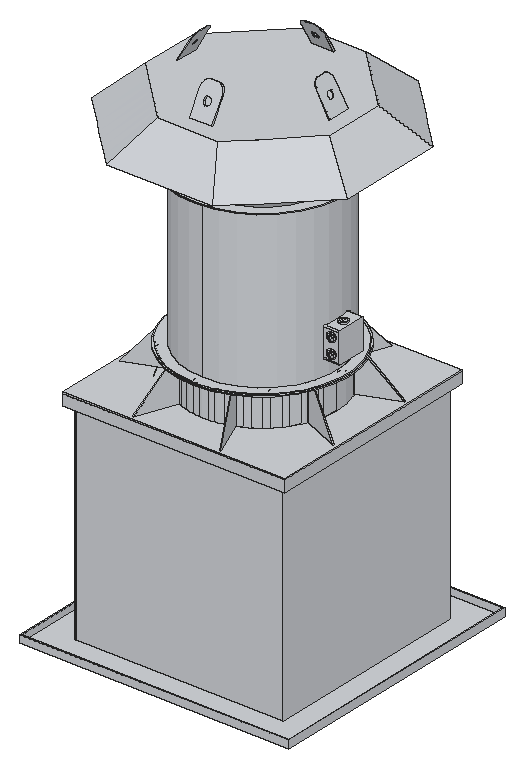
Revit family "ВентКлиматСтрой Вентилятор подпора крышный осевой ВКОп", category Оборудование, Revit 2019 (continued)
Definition of nested family "Вл_Общ_ВентКлиматСтрой Переход для монтажа вентилятора ВКОп к монтажному стакану СМ"
  Dimensions and locks
    aligned and locked: plane 16 to Extrusion 4 sketch curve
    aligned and locked: plane 14 to Extrusion 4 sketch curve
    aligned and locked: plane 10 to Extrusion 4 sketch curve  (x2)
    aligned and locked: plane 15 to Extrusion 4 sketch curve
    aligned and locked: plane 17 to Extrusion 4 sketch curve
    aligned and locked: SweptBlend 5 sketch curve to cut or joined group of Extrusion 2, Extrusion 4, Extrusion 6
    aligned and locked: plane 3 "По центру (Влево/Вправо)" to Extrusion 6 sketch curve
    aligned and locked: plane 1 "По центру (Вперед/Назад)" to Extrusion 6 sketch curve
  Automatic sketch dimensions
    curve 1 to plane 1 "По центру (Вперед/Назад)" = 0 mm
    curve 1 to level = 0 mm
    level to curve 1 = 100 mm
    SweptBlend 5 sketch curve to plane 3 "По центру (Влево/Вправо)" = 0 mm
    level to SweptBlend 5 sketch curve = 4 mm
    radius of Extrusion 4 sketch curve = 10 mm  (x8)
Types (24, lengths in mm): name | Полюсов | МинРазмерШахты | Марка двигателя | W2' | W2 | W1' | W1 | STM_C | STM_B | STM_A | Re | R2 | R1 | h | H2 | Lw, дБА | f | H | D4 | D2 | ADSK_Частота вращения двигателя | ADSK_Частота вращения вентилятора | D | ADSK_Наименование | ADSK_Масса | ADSK_Марка
  (no name) | 4 | 545 | "АИР56A4" | 756 | 956 | 495 | 695 | 465 | 730 | 565 | 201 | 230 | 215 | 440 | 387.75 | 75 | 30 | 705 | 750 | 547.5 | 1400 | 1400 | 400 | "Вентилятор осевой крышный для систем дымоудаления при пожаре №4, общепромышленного исполнения, с электродвигателем мощностью 0.12 кВт, число полюсов 4" | 37.2 | "ВКОп 13-284-12К/15-4 0.12/1400"
  ВКОп 13-284-12К-4 (4 полюсный) | 4 | 545 | "АИР56A4" | 756 | 956 | 495 | 695 | 465 | 730 | 565 | 201 | 230 | 215 | 440 | 387.75 | 75 | 30 | 705 | 750 | 547.5 | 1400 | 1400 | 400 | "Вентилятор осевой крышный для систем дымоудаления при пожаре №4, общепромышленного исполнения, с электродвигателем мощностью 0.12 кВт, число полюсов 4" | 37.2 | "ВКОп 13-284-12К/15-4 0.12/1400"
  ВКОп 13-284-12К-4 (2 полюсный) | 2 | 545 | "АИР63B2" | 756 | 956 | 495 | 695 | 465 | 730 | 565 | 201 | 230 | 215 | 440 | 387.75 | 63 | 30 | 705 | 750 | 547.5 | 2800 | 2800 | 400 | "Вентилятор осевой крышный для систем дымоудаления при пожаре №4, общепромышленного исполнения, с электродвигателем мощностью 0.55 кВт, число полюсов 2" | 39.2 | "ВКОп 13-284-12К/15-4 0.55/2800"
  ВКОп 13-284-12К-4,5 (4 полюсный) | 4 | 595 | "АИР56B4" | 814 | 1014 | 660 | 860 | 515 | 780 | 615 | 226 | 275 | 255 | 440 | 407 | 83 | 50 | 740 | 935 | 655 | 1400 | 1400 | 450 | "Вентилятор осевой крышный для систем дымоудаления при пожаре №4,5, общепромышленного исполнения, с электродвигателем мощностью 0.18 кВт, число полюсов 4" | 43.2 | "ВКОп 13-284-12К/15-4,5 0.18/1400"
  ВКОп 13-284-12К-4,5 (2 полюсный) | 2 | 595 | "АИР71B2" | 814 | 1014 | 660 | 860 | 515 | 780 | 615 | 226 | 275 | 255 | 440 | 407 | 83 | 50 | 740 | 935 | 655 | 2830 | 2830 | 450 | "Вентилятор осевой крышный для систем дымоудаления при пожаре №4,5, общепромышленного исполнения, с электродвигателем мощностью 1.1 кВт, число полюсов 2" | 49.2 | "ВКОп 13-284-12К/15-4,5 1.1/2830"
  ВКОп 13-284-12К-5 (4 полюсный) | 4 | 645 | "АИР63A4" | 872 | 1072 | 660 | 860 | 565 | 830 | 665 | 251 | 280 | 265 | 510 | 462 | 86 | 30 | 840 | 935 | 680 | 1400 | 1400 | 500 | "Вентилятор осевой крышный для систем дымоудаления при пожаре №5, общепромышленного исполнения, с электродвигателем мощностью 0.25 кВт, число полюсов 4" | 56.4 | "ВКОп 13-284-12К/15-5 0.25/1400"
  ВКОп 13-284-12К-5 (2 полюсный) | 2 | 645 | "АИР80A2" | 872 | 1072 | 660 | 860 | 565 | 830 | 665 | 251 | 280 | 265 | 510 | 462 | 86 | 30 | 840 | 935 | 680 | 2840 | 2840 | 500 | "Вентилятор осевой крышный для систем дымоудаления при пожаре №5, общепромышленного исполнения, с электродвигателем мощностью 1.5 кВт, число полюсов 2" | 65.9 | "ВКОп 13-284-12К/15-5 1.5/2840"
  ВКОп 13-284-12К-5,6 (4 полюсный) | 4 | 705 | "АИР63B4" | 941 | 1141 | 880 | 1080 | 625 | 890 | 725 | 281 | 330 | 310 | 625 | 541.75 | 89 | 50 | 985 | 1170 | 820 | 1400 | 1400 | 560 | "Вентилятор осевой крышный для систем дымоудаления при пожаре №5,6, общепромышленного исполнения, с электродвигателем мощностью 0.37 кВт, число полюсов 4" | 68 | "ВКОп 13-284-12К/15-5,6 0.37/1400"
  ВКОп 13-284-12К-5,6 (2 полюсный) | 2 | 705 | "АИР90L2" | 941 | 1141 | 880 | 1080 | 625 | 890 | 725 | 281 | 330 | 310 | 625 | 541.75 | 89 | 50 | 985 | 1170 | 820 | 2850 | 2850 | 560 | "Вентилятор осевой крышный для систем дымоудаления при пожаре №5,6, общепромышленного исполнения, с электродвигателем мощностью 3 кВт, число полюсов 2" | 82.5 | "ВКОп 13-284-12К/15-5,6 3/2850"
  ВКОп 13-284-12К-6,3 (4 полюсный) | 4 | 775 | "АИР71B4" | 1022 | 1222 | 880 | 1080 | 695 | 960 | 790 | 316 | 365 | 345 | 625 | 541.75 | 93 | 50 | 985 | 1170 | 855 | 1400 | 1400 | 630 | "Вентилятор осевой крышный для систем дымоудаления при пожаре №6,3, общепромышленного исполнения, с электродвигателем мощностью 0.75 кВт, число полюсов 4" | 84 | "ВКОп 13-284-12К/15-6,3 0.75/1400"
  ВКОп 13-284-12К-6,3 (2 полюсный) | 2 | 775 | "АИР100L2" | 1022 | 1222 | 880 | 1080 | 695 | 960 | 790 | 316 | 365 | 345 | 625 | 541.75 | 93 | 50 | 985 | 1170 | 855 | 2880 | 2880 | 630 | "Вентилятор осевой крышный для систем дымоудаления при пожаре №6,3, общепромышленного исполнения, с электродвигателем мощностью 5.5 кВт, число полюсов 2" | 117.5 | "ВКОп 13-284-12К/15-6,3 5.5/2880"
  ВКОп 13-284-12К-7,1 (4 полюсный) | 4 | 855 | "АИР80A4" | 1114 | 1314 | 1020 | 1220 | 775 | 1040 | 875 | 356 | 405 | 385 | 625 | 570.9 | 81 | 50 | 1038 | 1321 | 965 | 1400 | 1400 | 710 | "Вентилятор осевой крышный для систем дымоудаления при пожаре №7,1, общепромышленного исполнения, с электродвигателем мощностью 1.1 кВт, число полюсов 4" | 97 | "ВКОп 13-284-12К/15-7,1 1.1/1400"
  ВКОп 13-284-12К-7,1 (2 полюсный) | 2 | 855 | "АИР132M2" | 1114 | 1314 | 1020 | 1220 | 775 | 1040 | 875 | 356 | 405 | 385 | 625 | 570.9 | 48 | 50 | 1038 | 1321 | 965 | 2800 | 2800 | 710 | "Вентилятор осевой крышный для систем дымоудаления при пожаре №7,1, общепромышленного исполнения, с электродвигателем мощностью 11 кВт, число полюсов 2" | 159.2 | "ВКОп 13-284-12К/15-7,1 11/2800"
  ВКОп 13-284-12К-8 (6 полюсный) | 6 | 945 | "АИР90L6" | 1230 | 1430 | 1295 | 1495 | 865 | 1210 | 1050 | 401 | 450 | 430 | 625 | 629.75 | 85 | 50 | 1145 | 1617 | 1147.5 | 920 | 920 | 800 | "Вентилятор осевой крышный для систем дымоудаления при пожаре №8, общепромышленного исполнения, с электродвигателем мощностью 1.5 кВт, число полюсов 6" | 131.6 | "ВКОп 13-284-12К/30-8 1.5/920"
  ВКОп 13-284-12К-8 (4 полюсный) | 4 | 945 | "АИР90L4" | 1230 | 1430 | 1295 | 1495 | 865 | 1210 | 1050 | 401 | 450 | 430 | 625 | 629.75 | 85 | 50 | 1145 | 1617 | 1147.5 | 1410 | 1410 | 800 | "Вентилятор осевой крышный для систем дымоудаления при пожаре №8, общепромышленного исполнения, с электродвигателем мощностью 2.2 кВт, число полюсов 4" | 132.5 | "ВКОп 13-284-12К/15-8 2.2/1410"
  ВКОп 13-284-12К-8 (2 полюсный) | 2 | 945 | "АИР160M2" | 1230 | 1430 | 1295 | 1495 | 865 | 1210 | 1050 | 401 | 450 | 430 | 625 | 629.75 | 85 | 50 | 1145 | 1617 | 1147.5 | 2950 | 2950 | 800 | "Вентилятор осевой крышный для систем дымоудаления при пожаре №8, общепромышленного исполнения, с электродвигателем мощностью 18.5 кВт, число полюсов 2" | 259.1 | "ВКОп 13-284-12К/15-8 18.5/2950"
  ВКОп 13-284-12К-9 (6 полюсный) | 6 | 1045 | "АИР90L6" | 1416 | 1616 | 1295 | 1495 | 965 | 1230 | 1090 | 451 | 500 | 480 | 815 | 734.25 | 89 | 50 | 1335 | 1617 | 1197.5 | 910 | 910 | 900 | "Вентилятор осевой крышный для систем дымоудаления при пожаре №9, общепромышленного исполнения, с электродвигателем мощностью 1.5 кВт, число полюсов 6" | 157 | "ВКОп 13-284-12К/20-9 1.5/910"
  ВКОп 13-284-12К-9 (4 полюсный) | 4 | 1045 | "АИР100L4" | 1416 | 1616 | 1295 | 1495 | 965 | 1230 | 1090 | 451 | 500 | 480 | 815 | 734.25 | 89 | 50 | 1335 | 1617 | 1197.5 | 1420 | 1420 | 900 | "Вентилятор осевой крышный для систем дымоудаления при пожаре №9, общепромышленного исполнения, с электродвигателем мощностью 4 кВт, число полюсов 4" | 165 | "ВКОп 13-284-12К/15-9 4/1420"
  ВКОп 13-284-12К-10 (6 полюсный) | 6 | 1145 | "АИР100L6" | 1524 | 1724 | 1665 | 1865 | 1065 | 1420 | 1260 | 501 | 555 | 535 | 815 | 808.5 | 92 | 55 | 1470 | 2017 | 1432.5 | 920 | 920 | 1000 | "Вентилятор осевой крышный для систем дымоудаления при пожаре №10, общепромышленного исполнения, с электродвигателем мощностью 2.2 кВт, число полюсов 6" | 223.5 | "ВКОп 13-284-12К/15-10 2.2/920"
  ВКОп 13-284-12К-10 (4 полюсный) | 4 | 1145 | "АИР132S4" | 1524 | 1724 | 1665 | 1865 | 1065 | 1420 | 1260 | 501 | 555 | 535 | 815 | 808.5 | 92 | 55 | 1470 | 2017 | 1432.5 | 1450 | 1450 | 1000 | "Вентилятор осевой крышный для систем дымоудаления при пожаре №10, общепромышленного исполнения, с электродвигателем мощностью 7.5 кВт, число полюсов 4" | 266 | "ВКОп 13-284-12К/15-10 7.5/1450"
  ВКОп 13-284-12К-11,2 (6 полюсный) | 6 | 1265 | "АИР112MB6" | 1675 | 1875 | 1665 | 1865 | 1185 | 1450 | 1390 | 561 | 617.5 | 597.5 | 950 | 882.75 | 87 | 57.5 | 1605 | 2017 | 1492.5 | 940 | 940 | 1120 | "Вентилятор осевой крышный для систем дымоудаления при пожаре №11,2, общепромышленного исполнения, с электродвигателем мощностью 4 кВт, число полюсов 6" | 272.1 | "ВКОп 13-284-12К/15-11,2 4/940"
  ВКОп 13-284-12К-11,2 (4 полюсный) | 4 | 1265 | "АИР132M4" | 1675 | 1875 | 1665 | 1865 | 1185 | 1450 | 1390 | 561 | 617.5 | 597.5 | 950 | 882.75 | 87 | 57.5 | 1605 | 2017 | 1492.5 | 1460 | 1460 | 1120 | "Вентилятор осевой крышный для систем дымоудаления при пожаре №11,2, общепромышленного исполнения, с электродвигателем мощностью 11 кВт, число полюсов 4" | 305 | "ВКОп 13-284-12К/15-11,2 11/1460"
  ВКОп 13-284-12К-12,5 (8 полюсный) | 8 | 1395 | "АИР132S8" | 1818 | 2018 | 1880 | 2080 | 1360 | 1700 | 1545 | 626 | 680 | 660 | 1250 | 1069.75 | 90 | 55 | 1945 | 2255 | 1665 | 710 | 710 | 1250 | "Вентилятор осевой крышный для систем дымоудаления при пожаре №12,5, общепромышленного исполнения, с электродвигателем мощностью 4 кВт, число полюсов 8" | 320 | "ВКОп 13-284-12К/20-12,5 4/710"
  ВКОп 13-284-12К-12,5 (6 полюсный) | 6 | 1395 | "АИР160S6" | 1818 | 2018 | 1880 | 2080 | 1360 | 1700 | 1545 | 626 | 680 | 660 | 1250 | 1069.75 | 90 | 55 | 1945 | 2255 | 1665 | 970 | 970 | 1250 | "Вентилятор осевой крышный для систем дымоудаления при пожаре №12,5, общепромышленного исполнения, с электродвигателем мощностью 11 кВт, число полюсов 6" | 391 | "ВКОп 13-284-12К/20-12,5 11/970"
